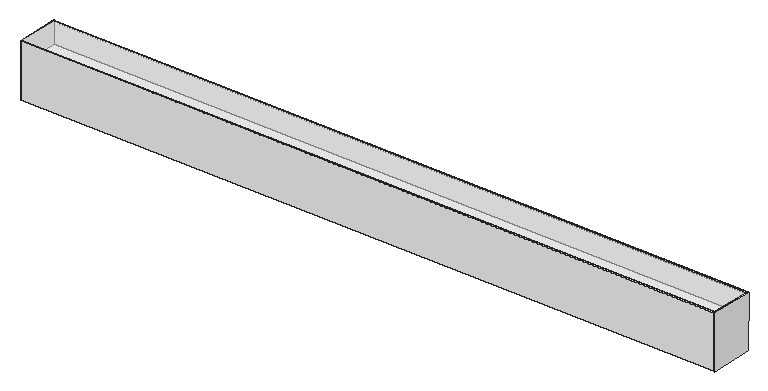
Revit family "Lighting-Surface-Amerlux-Linea 3.5", category Lighting Fixtures, host Face, Revit 2014
Parameters (values of type "Indirect")
  Width = 0' - 2 7/8"
  Wattage = 9.2903 W
  built-in parameter 1150110 = 1 (stored number, unit not read)
  Voltage = 0 V
  URL = "http://www.amerlux.com"
  built-in parameter 1114217 = 1 (stored number, unit not read)
  Tilt Angle = -90.00°
  built-in parameter 1150109 = 1 (stored number, unit not read)
  built-in parameter 1150134 = 12
  built-in parameter 1150113 = 1 (stored number, unit not read)
  Power Factor = 1
  Photometric Web File = "generic"
  Number of Poles = 1
  built-in parameter 1150142 = (empty or 0)
  Model = "LS35I"
  Manufacturer = "Amerlux"
  built-in parameter 1150105 = 109.82 (stored number, unit not read)
  Lumens = 1380 lm
  built-in parameter 1150115 = 1 (stored number, unit not read)
  built-in parameter 1150137 = (empty or 0)
  built-in parameter 1150139 = (empty or 0)
  Length = 4' - 0"
  built-in parameter 1150112 = 1 (stored number, unit not read)
  built-in parameter 1150114 = 1 (stored number, unit not read)
  Lamp = "LED"
  built-in parameter 1150132 = (empty or 0)
  built-in parameter 1150102 = (empty or 0)
  built-in parameter 1150107 = 4000 (stored number, unit not read)
  built-in parameter 1150138 = (empty or 0)
  built-in parameter 1150106 = 1.0982 (stored number, unit not read)
  IES File Link = "http://www.amerlux.com/products/LS35I-LED#"
  Height = 0' - 3 5/8"
  Fixture Finish = White
  Emit from Circle Diameter = 0' - 1 1/4"
  Emit Shape Visible in Rendering = no
  built-in parameter 1150104 = 13.8 (stored number, unit not read)
  Dimming Lamp Color Temperature Shift = <None>
  Description = "Surface Linea 3.5\""
  Default Elevation = 4' - 0"
  Color Filter = 16777215
  built-in parameter 1114218 = 1 (stored number, unit not read)
  built-in parameter 1150133 = 10 (stored number, unit not read)
  Apparent Load = 0 VA
Types (4): name | Width | Model | IES File Link | Height
  (no name) | 0' - 2 7/8" | "LS35I" | "http://www.amerlux.com/products/LS35I-LED#" | 0' - 3 5/8"
  Direct | 0' - 3 7/16" | "LS35D" | "http://www.amerlux.com/products/LS35D-LED#" | 0' - 3 5/8"
  Indirect | 0' - 2 7/8" | "LS35I" | "http://www.amerlux.com/products/LS35I-LED#" | 0' - 3 5/8"
  Direct/Indirect | 0' - 2 7/8" | "LS35DI" | "http://www.amerlux.com/products/LS35DI-LED#" | 0' - 5 7/8"
Reference planes (in)
  plane 1 "Center (Front/Back)": y = 0
  plane 2: z = 0
  plane 3 "Center (Left/Right)": x = 0
  plane 4: y = -1.4375
  plane 5: y = 1.4375
  plane 6: x = -24
  plane 7: x = 24
  plane 8: z = 3.625
  plane 9: x = 23.9375
  plane 10: x = -23.9375
Forms (in)
  Extrusion 1, solid, material "White" <- "Fixture Finish"
    sketch origin (0, 0, 0) x (0, 1, 0) y (0, 0, 1)
      loop
        line (-1.4375, 0) -> (1.4375, 0) -> (1.4375, 3.625) -> (1.375, 3.625) -> (1.375, 2.21038) -> (-1.375, 2.21038) -> (-1.375, 3.625) -> (-1.4375, 3.625) -> (-1.4375, 0)
    from -23.9375 to 23.9375
  Extrusion 2, solid, material "White"
    sketch origin (0, 0, 0) x (0, 1, 0) y (0, 0, 1)
      loop
        line (1.4375, 3.625) -> (-1.4375, 3.625) -> (-1.4375, 0) -> (1.4375, 0) -> (1.4375, 3.625)
    from 23.9375 to 24
  Extrusion 3, solid, material "White"
    sketch origin (0, 0, 0) x (0, 1, 0) y (0, 0, 1)
      loop
        line (-1.4375, 3.625) -> (-1.4375, 0) -> (1.4375, 0) -> (1.4375, 3.625) -> (-1.4375, 3.625)
    from -24 to -23.9375
  Extrusion 4, solid, material "Lens"
    sketch origin (0, 0, 0) x (0, 1, 0) y (0, 0, 1)
      loop
        line (1.375, 3.625) -> (-1.375, 3.625) -> (-1.375, 3.5625) -> (1.375, 3.5625) -> (1.375, 3.625)
    from -23.9375 to 23.9375
Dimensions and locks (in)
  equal spacing: plane 4, plane 1 "Center (Front/Back)", plane 5
  plane 4 to plane 5 = 0' - 2 7/8"
  equal spacing: plane 6, plane 3 "Center (Left/Right)", plane 7
  "Length": plane 6 to plane 7
  "Height": plane 8 to host face
  equal spacing: plane 5, plane 1 "Center (Front/Back)", plane 4
  "Width": plane 5 to plane 4
  level to Extrusion 2 = 0' - 3 5/8"
  locked: plane 9 to plane 7 at 0.0625
  locked: plane 6 to plane 10 at 0.0625
  locked: plane 8 to Extrusion 4 sketch curve at 0.0625
  Extrusion 3 to Extrusion 4 to Extrusion 1 = 0' - 0 1/16" locked, 0' - 1.35212" locked
  aligned and locked: plane 2 to host face
  aligned and locked: level to host face
  aligned and locked: Extrusion 1 to plane 4
  aligned and locked: plane 5 to Extrusion 1
  aligned and locked: plane 8 to Extrusion 1  (x2)
  aligned and locked: Extrusion 2 sketch curve to Extrusion 1  (x4)
  aligned and locked: plane 7 to Extrusion 2
  aligned and locked: Extrusion 2 to plane 9
  aligned and locked: Extrusion 1 to Extrusion 2
  aligned and locked: Extrusion 3 sketch curve to Extrusion 2
  aligned and locked: Extrusion 3 sketch curve to Extrusion 1  (x3)
  aligned and locked: Extrusion 1 to plane 10
  aligned and locked: Extrusion 3 to plane 6
  aligned and locked: plane 10 to Extrusion 3
  aligned and locked: plane 9 to Extrusion 4
  aligned and locked: Extrusion 4 to plane 10
  aligned and locked: imposter light to plane 8
Automatic sketch dimensions
  host sketch curve to host sketch curve = 5' - 6.36591"
  host sketch curve to host sketch curve = 4' - 6.92595"
  Extrusion 1 sketch curve to level = 0' - 0"
  Extrusion 1 sketch curve to plane 4 = 0' - 0"
  Extrusion 1 sketch curve to plane 8 = 0' - 0"  (x2)
  Extrusion 1 sketch curve to plane 5 = 0' - 0"
  plane 4 to Extrusion 1 sketch curve = 0' - 0 1/16"
  Extrusion 1 sketch curve to plane 5 = 0' - 0 1/16"
  Extrusion 1 sketch curve to plane 8 = 0' - 1.41462"
  Extrusion 4 sketch curve to plane 8 = 0' - 0"
  plane 4 to Extrusion 4 sketch curve = 0' - 0 1/16"
  Extrusion 4 sketch curve to plane 5 = 0' - 0 1/16"
Connectors (in)
  electrical at (0, 0, 0), driven by "Number of Poles", driven by "Voltage", driven by "Apparent Load", driven by "Power Factor"
    settings: on Extrusion 1, index 1, voltage 0 V, apparent load 0 VA, apparent load phase1 0 VA, apparent load phase2 0 VA, apparent load phase3 0 VA, power factor 1, load classification "Other", number of poles 1, system type 31, power factor state 1, is connector primary yes, connector utility yes, sub classification motor no, connector description "Power"
